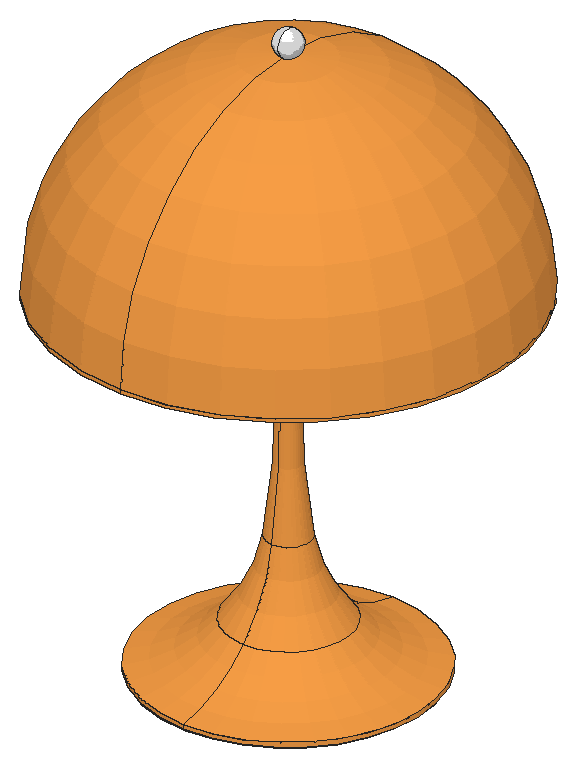
Revit family "Panthella Mini Table", category Lighting Fixtures, host Face, Revit 2015
Parameters
  Width = 0 mm
  Weight (Kg) = 0
  Wattage = 96 W
  built-in parameter 1150110 = 1 (stored number, unit not read)
  Voltage (US Only) = 0 V
  Trim and Accessories = ""
  built-in parameter 1114217 = 1 (stored number, unit not read)
  Tilt Angle = -90.00°
  built-in parameter 1150109 = 1 (stored number, unit not read)
  built-in parameter 1150134 = 3
  built-in parameter 1150113 = 1 (stored number, unit not read)
  Reflector Finish = none
  Product Documentation Link = ""
  Product Code = "x"
  Product Category = "Pendant"
  Power Factor (US Only) = 0
  Photometric Web File = "generic"
  Option = ""
  Number of Poles (US Only) = 0
  built-in parameter 1150142 = (empty or 0)
  Manufacturer = "Louis Poulsen Lighting"
  built-in parameter 1150105 = 267.38 (stored number, unit not read)
  Lumens = 3360 lm
  built-in parameter 1150115 = 1 (stored number, unit not read)
  Lighting Technique = ""
  built-in parameter 1150137 = (empty or 0)
  built-in parameter 1150139 = (empty or 0)
  Length = 0 mm
  built-in parameter 1150112 = 1 (stored number, unit not read)
  built-in parameter 1150114 = 1 (stored number, unit not read)
  Lamp = "x"
  Insulation Class (Not US) = ""
  built-in parameter 1150132 = 2
  built-in parameter 1150102 = (empty or 0)
  built-in parameter 1150107 = 3200 (stored number, unit not read)
  built-in parameter 1150138 = (empty or 0)
  built-in parameter 1150106 = 2.6738 (stored number, unit not read)
  IP (Not US) = ""
  IK (Not US - Outdoor only) = ""
  Height = 0 mm
  Efficiency (Lm/W) = ""
  built-in parameter 1150104 = 3.2516 (stored number, unit not read)
  Drawn By = "Louis Poulsen Lighting"
  Dimming Lamp Color Temperature Shift = <None>
  Designer = ""
  Description = "x"
  Default Elevation = 1000 mm
  Cut-off = "N/A"
  Color Filter = 16777215
  CRI = ""
  Build-in height = ""
  Bug Rating (US Outdoor Only) = "N/A"
  Body Finish = Louis Poulsen - ORANGE - 269
  built-in parameter 1114218 = 1 (stored number, unit not read)
  built-in parameter 1150133 = 10 (stored number, unit not read)
Reference planes
  plane 1 "Center (Front/Back)": y = 0
  plane 2: z = 0
  plane 3 "Center (Left/Right)": x = 0
Forms (mm)
  Revolve 1, solid, material "Louis Poulsen - ORANGE - 269" <- "Body Finish"
    sketch origin (0, 0, 0) x (0, 1, 0) y (0, 0, 1)
      loop
        line (0, 327.647) -> (0, 324.647)
        arc (0, 324.647) -> (86.869, 288.27) -> (121.897, 200.848) r 121.912
        line (121.897, 200.848) -> (124.912, 200.848) -> (124.912, 202.735)
        arc (124.912, 202.735) -> (88.326, 291.061) -> (0, 327.647) r 124.912
      loop
        line (0, 245.25) -> (0, 0) -> (76.489, 0) -> (76.489, 1.049) -> (77.485, 1.049) -> (77.485, 3.513)
        arc (77.485, 3.513) -> (53.303, 11.284) -> (33.338, 26.986) r 71.819
        arc (33.338, 26.986) -> (19.636, 47.442) -> (11.952, 70.833) r 90.539
        arc (11.952, 70.833) -> (7.073, 109.534) -> (6.519, 148.537) r 350.99
        arc (6.519, 148.537) -> (14.049, 198.664) -> (37.42, 243.643) r 154.253
        line (37.42, 243.643) -> (37.42, 245.25) -> (0, 245.25)
      axis (0, 327.647) -> (0, 0)
    angle from 0 to 360
  Revolve 2, solid, material "Louis Poulsen Steel, Chrome Plated(1)"
    sketch origin (0, 0, 0) x (0, 1, 0) y (0, 0, 1)
      loop
        arc (0, 340.761) -> (-7.5, 333.261) -> (0, 325.761) r 7.5
        line (0, 325.761) -> (0, 340.761)
      axis (0, 340.761) -> (0, 325.761)
    angle from 0 to 360
Dimensions and locks
  aligned and locked: plane 2 to host face
  aligned and locked: level to host face
Nested families
  nested 1: "LP-Revit-Annotation" at (0, 0, 0), type "LP-Revit-Annotation"
Definition of nested family "LP-Revit-Annotation"
  Reference planes
    plane 1: y = 0
    plane 2: x = 0
  Lines and regions (mm)
    detail lines
      curve 1: circle (0, 0, 0) r 2.5 normal (0, 0, 1)
      curve 2: line (-1.768, -1.768, 0) -> (1.768, 1.768, 0)
      curve 3: line (-1.768, 1.768, 0) -> (1.768, -1.768, 0)
  Dimensions and locks
    radius of curve 1 = 2.5 mm
